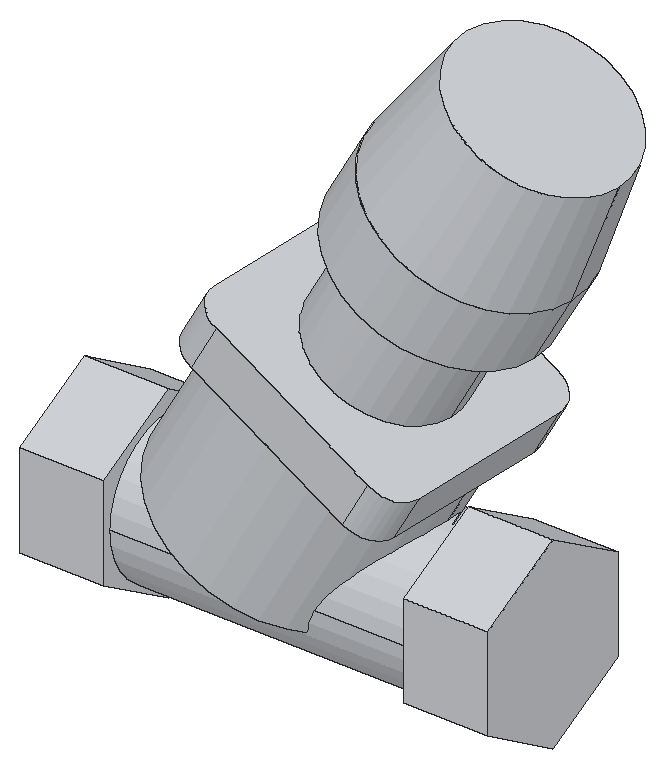
Revit family "OPTIMA_Compact_FF_DN15_5,0_RFA_2018", category Pipe Accessories, Revit 2018
Family settings
  Round Connector Dimension = Use Diameter
  Part Type = Valve - Breaks Into
  Work Plane-Based = No
  Always vertical = Yes
  Cut with Voids When Loaded = No
  Shared = No
Parameters (values of type "OPTIMA Compact DN15 F-F 5.0mm")
  magiProductId = "ed735bb751334d9b9367ccb2001bd8"
  magiProductFamilyId = "52eeb9fa0c9d42c987a78ea14b42d3"
  magiPartTypeId = 304
  isMeasuringValve [instance] = no
  ang2D [instance] = 0.00°
  Z = 0 mm
  X = 7 mm
  W2D = 32 mm
  VersionID = "2.0/2018.8.28.1/FRESE_OPTIMA-COMPACT-FF_001"
  Use Minimum Symbol Size [instance] = yes
  URL = "www.hydronic.cz"
  Type Comments = "vnitřní závit; PN25; 0~120°C, bez měřicích vsuvek"
  R9 = 8 mm
  R8 = 14 mm
  R7 = 17 mm
  R6 = 12 mm
  R5 = 5 mm
  R4 = 19 mm
  R3 = 19 mm
  R2 = 12 mm
  R1 = 15 mm
  QmdConnectorList = "301;D;302;D"
  Productdata [instance] = ""
  PLG0 = no
  Manufacturer = "Hydronic Systems Prague s.r.o."
  MC Product Code = "53-1345  (1/2\" F-F; 5.0mm; Qmin-dpmin 220l/h-16.0kPa; Qmax-dpmin 1330l/h-21.6Pa; dpmax 800kPa)"
  MC Piping Given Pressure Drop [instance] = 0.0 Pa
  LL = 37.5 mm
  L3 = 11 mm
  L2D_Min = 3048 mm
  L2D = 104 mm
  L2 = 48 mm
  L1__ve = -L1  # -13.5 mm
  L1 = 13.5 mm
  H6__ve = -H6  # -57 mm
  H6 = 57 mm
  H5 = 20 mm
  H4 = 12 mm
  H3 = 18 mm
  H2 = 8 mm
  H1 = 26 mm
  Description = "Tlakově nezávislý 2-cestný regulační vyvažovací ventil (PICV)"
  D = 15 mm
  CenSd_R1_6 = R1 * cos(30.00°)  # 12.99 mm
  A = 30.00°
Types (6, lengths in mm): name | magiProductId | Z | X | R4 | R3 | R2 | R1 | MC Product Code | LL | L3 | L2 | L1__ve | L1 | H6__ve | H6 | H3 | H2 | H1 | D | CenSd_R1_6
  OPTIMA Compact DN32 F-F 5.5mm | "b339906595e54d959f7e36e14a5078" | 1 | 13 | 29 | 31.5 | 22 | 26 | "53-1354  (5/4\" F-F; 5.5mm; Qmin-dpmin 550l/h-17.9kPa; Qmax-dpmin 4001l/h-28.0kPa; dpmax 800kPa)" | 52 | 12.5 | 66.56 | -18.72 | 18.72 | -68 | 68 | 16 | 10 | 46 | 32 | 22.517
  OPTIMA Compact DN15 F-F 2.5mm | "1f59e983221c4705b905dca277ac1b" | 0 | 7 | 19 | 19 | 12 | 15 | "53-1344  (1/2\" F-F; 2.5mm; Qmin-dpmin 100l/h-14.9kPa; Qmax-dpmin 575l/h-18.5kPa; dpmax 800kPa)" | 37.5 | 11 | 48 | -13.5 | 13.5 | -57 | 57 | 18 | 8 | 26 | 15 | 12.99
  OPTIMA Compact DN15 F-F 5.0mm | "ed735bb751334d9b9367ccb2001bd8" | 0 | 7 | 19 | 19 | 12 | 15 | "53-1345  (1/2\" F-F; 5.0mm; Qmin-dpmin 220l/h-16.0kPa; Qmax-dpmin 1330l/h-21.6Pa; dpmax 800kPa)" | 37.5 | 11 | 48 | -13.5 | 13.5 | -57 | 57 | 18 | 8 | 26 | 15 | 12.99
  OPTIMA Compact DN20 F-F 5.0mm | "3fe8f468b8a34e8b9375925b2f5228" | 0 | 10 | 19 | 19 | 13.5 | 17.5 | "53-1348  (3/4\" F-F; 5.0mm; Qmin-dpmin 220l/h-16.0kPa; Qmax-dpmin 1330l/h-21.6Pa; dpmax 800kPa)" | 39.5 | 11 | 50.56 | -14.22 | 14.22 | -59.5 | 59.5 | 18 | 8 | 26 | 20 | 15.155
  OPTIMA Compact DN20 F-F 5.5mm | "3f04956b0a9346f48e327241883a91" | 0 | 10 | 19 | 19 | 13.5 | 17.5 | "53-1318  (3/4\" F-F; 5.5mm; Qmin-dpmin 300l/h-17.8kPa; Qmax-dpmin 1800l/h-40.0Pa; dpmax 800kPa)" | 39.5 | 11 | 50.56 | -14.22 | 14.22 | -59.5 | 59.5 | 18 | 8 | 26 | 20 | 15.155
  OPTIMA Compact DN25 F-F 5.5mm | "a6a3417af38f4ebebee56b059e5e27" | 0 | 13 | 29 | 31.5 | 18.5 | 22 | "53-1353  (1\" F-F; 5.5mm; Qmin-dpmin 600l/h-17.3kPa; Qmax-dpmin 3609l/h-23.0Pa; dpmax 800kPa)" | 50 | 12.5 | 64 | -18 | 18 | -64 | 64 | 16 | 10 | 43 | 25 | 19.053
Reference planes
  plane 1 "Center (Front/Back)": y = 0
  plane 2 "XYPLANE": z = 0
  plane 3 "Center (Left/Right)": x = 0
  plane 4 "267": x = 11
  plane 5 "266": x = -11
  plane 6 "252": through (-607.519, 0, 447.746) normal (0.5, 0, 0.866)
  plane 7 "250": through (-617.519, 0, 430.426) normal (0.5, 0, 0.866)
  plane 8 "248": through (-623.519, 0, 420.033) normal (0.5, 0, 0.866)
  plane 9 "245": through (-632.519, 0, 404.445) normal (0.5, 0, 0.866)
  plane 10 "241": through (352.483, 0, 662.519) normal (0.866, 0, -0.5)
  plane 11 "240": through (385.392, 0, 643.519) normal (0.866, 0, -0.5)
  plane 12 "239": y = -19
  plane 13 "238": y = 19
  plane 14 "237": through (-636.519, 0, 397.517) normal (0.5, 0, 0.866)
  plane 15 "235": through (-649.519, 0, 375) normal (0.5, 0, 0.866)
  plane 16 "231": y = 0
  plane 17 "230": through (368.938, 0, 653.019) normal (0.866, 0, -0.5)
  plane 18 "211": x = -24
  plane 19 "204": x = 37.5
  plane 20 "203": x = -37.5
  plane 21 "202": x = 0
  plane 22 "201": z = 0
  plane 23 "200": y = 0
  plane 24 "227XY": through (-649.519, 0, 375) normal (0.5, 0, 0.866)
  plane 25 "227XZ": y = 0
  plane 26 "227YZ": through (375, 0, 649.519) normal (0.866, 0, -0.5)
Forms (mm)
  Extrusion 1, solid
    sketch origin (37.5, -750, 0) x (0, 1, 0) y (0, 0, 1)
      loop
        line (750, 15) -> (737.01, 7.5) -> (737.01, -7.5) -> (750, -15) -> (762.99, -7.5) -> (762.99, 7.5) -> (750, 15)
    from 0 to -13.5 <- "L1__ve"
  Extrusion 2, solid
    sketch origin (-37.5, -750, 0) x (0, 1, 0) y (0, 0, 1)
      loop
        line (750, 15) -> (737.01, 7.5) -> (737.01, -7.5) -> (750, -15) -> (762.99, -7.5) -> (762.99, 7.5) -> (750, 15)
    from 0 to 13.5 <- "L1"
  Extrusion 3, solid, visible <- "PLG0"
    sketch origin (-750, 0, 0) x (1, 0, 0) y (0, 1, 0)
      loop
        circle (761, 0) r 8
    from 0 to -57 <- "H6__ve"
  Extrusion 4, solid, visible <- "PLG0"
    sketch origin (-750, 0, 0) x (1, 0, 0) y (0, 1, 0)
      loop
        circle (739, 0) r 8
    from 0 to -57 <- "H6__ve"
  Blend 5, solid
    base sketch origin (-617.519, 0, 430.426) x (0.866025, 0, -0.5) y (0, 1, 0)
      loop
        circle (743, 0) r 17
    top sketch origin (-617.519, 0, 430.426) x (0.866025, 0, -0.5) y (0, 1, 0)
      loop
        circle (743, 0) r 14
    from 0 to 20
  Extrusion 6, solid
    sketch origin (-623.519, 0, 420.033) x (0.866025, 0, -0.5) y (0, 1, 0)
      loop
        circle (743, 0) r 17
    from 0 to 12 <- "H4"
  Extrusion 7, solid
    sketch origin (-632.519, 0, 404.445) x (0.866025, 0, -0.5) y (0, 1, 0)
      loop
        circle (743, 0) r 12
    from 0 to 18 <- "H3"
  Extrusion 8, solid
    sketch origin (-636.519, 0, 397.517) x (0.866025, 0, -0.5) y (0, 1, 0)
      loop
        arc (729, 19) -> (725.464, 17.536) -> (724, 14) r 5
        line (724, 14) -> (724, -14)
        arc (724, -14) -> (725.464, -17.536) -> (729, -19) r 5
        line (729, -19) -> (757, -19)
        arc (757, -19) -> (760.536, -17.536) -> (762, -14) r 5
        line (762, -14) -> (762, 14)
        arc (762, 14) -> (760.536, 17.536) -> (757, 19) r 5
        line (757, 19) -> (729, 19)
    from 0 to 8 <- "H2"
  Extrusion 9, solid
    sketch origin (-649.519, 0, 375) x (0.866025, 0, -0.5) y (0, 1, 0)
      loop
        circle (743, 0) r 19
    from 0 to 26 <- "H1"
  Extrusion 10, solid
    sketch origin (-24, -750, 0) x (0, 1, 0) y (0, 0, 1)
      loop
        circle (750, 0) r 12
    from 0 to 48 <- "L2"
  Extrusion 11, solid, not visible
    sketch origin (37.5, -750, 0) x (0, 1, 0) y (0, 0, 1)
      loop
        circle (750, 0) r 10
    from 0 to -10
  Extrusion 12, solid, not visible
    sketch origin (-37.5, -750, 0) x (0, 1, 0) y (0, 0, 1)
      loop
        circle (750, 0) r 10
    from 0 to 10
Lines and regions (mm)
  reference lines, not visible
    curve 1: circle (2, 2, 0) r 1 normal (0, 0, 1)
  reference lines
    curve 2: line (37.5, 0, 0) -> (37.5, -11.258, -6.5)
    curve 3: line (37.5, 0, 0) -> (37.5, 0, -13)
    curve 4: line (37.5, 0, 0) -> (37.5, 11.258, -6.5)
    curve 5: line (-37.5, 0, 0) -> (-37.5, 11.258, -6.5)
    curve 6: line (-37.5, 0, 0) -> (-37.5, 0, -13)
    curve 7: line (-37.5, 0, 0) -> (-37.5, -11.258, -6.5)
Dimensions and locks
  plane 1 "Center (Front/Back)" to curve 1 = 2 mm
  "L3": plane 3 "Center (Left/Right)" to plane 4 "267"
  "L3": plane 3 "Center (Left/Right)" to plane 5 "266"
  "H5": plane 7 "250" to plane 6 "252"
  "H4": plane 8 "248" to plane 7 "250"
  "H3": plane 9 "245" to plane 8 "248"
  "H2": plane 14 "237" to plane 9 "245"
  "R4": plane 17 "230" to plane 10 "241"
  "R4": plane 17 "230" to plane 11 "240"
  "R4": plane 23 "200" to plane 12 "239"
  "R4": plane 23 "200" to plane 13 "238"
  "H1": plane 15 "235" to plane 14 "237"
  "Z": plane 24 "227XY" to plane 15 "235"
  locked: plane 23 "200" to plane 16 "231"
  "X": plane 26 "227YZ" to plane 17 "230"
  "L1": plane 20 "203" to plane 18 "211"
  "LL": plane 3 "Center (Left/Right)" to plane 19 "204"
  "LL": plane 3 "Center (Left/Right)" to plane 20 "203"
  locked: plane 3 "Center (Left/Right)" to plane 21 "202"
  locked: plane 2 "XYPLANE" to plane 22 "201"
  locked: plane 1 "Center (Front/Back)" to plane 23 "200"
  "CenSd_R1_6": curve 2 to Extrusion 1 sketch curve  (x2)
  "CenSd_R1_6": curve 3 to Extrusion 1 sketch curve  (x2)
  "CenSd_R1_6": curve 4 to Extrusion 1 sketch curve  (x2)
  Extrusion 1 sketch curve to Extrusion 1 sketch curve = 0 mm  (x12)
  "CenSd_R1_6": curve 5 to Extrusion 2 sketch curve  (x2)
  "CenSd_R1_6": curve 6 to Extrusion 2 sketch curve  (x2)
  "CenSd_R1_6": curve 7 to Extrusion 2 sketch curve  (x2)
  Extrusion 2 sketch curve to Extrusion 2 sketch curve = 0 mm  (x12)
  Extrusion 8 sketch curve to Extrusion 8 sketch curve = 0 mm  (x16)
  "R9": radius of Extrusion 3 sketch curve
  "R9": radius of Extrusion 4 sketch curve
  "R8": radius of Blend 5 sketch curve
  "R7": radius of Blend 5 sketch curve
  "R7": radius of Extrusion 6 sketch curve
  "R6": radius of Extrusion 7 sketch curve
  "R5": radius of Extrusion 8 sketch curve  (x4)
  "R3": radius of Extrusion 9 sketch curve
  "R2": radius of Extrusion 10 sketch curve
  locked: curve 3 to curve 2 (angle 60.00°)
  locked: curve 4 to curve 3 (angle 60.00°)
  locked: curve 4 to curve 2 (angle 120.00°)
  locked: curve 6 to curve 5 (angle 60.00°)
  locked: curve 7 to curve 6 (angle 60.00°)
  locked: curve 7 to curve 5 (angle 120.00°)
  aligned and locked: level to plane 2 "XYPLANE"
  aligned and locked: plane 22 "201" to curve 4
  aligned and locked: curve 4 to plane 23 "200"
  aligned and locked: plane 22 "201" to curve 7
  aligned and locked: curve 7 to plane 23 "200"
  aligned and locked: plane 4 "267" to Extrusion 3 sketch curve
  aligned and locked: plane 23 "200" to Extrusion 3 sketch curve
  aligned and locked: plane 5 "266" to Extrusion 4 sketch curve
  aligned and locked: plane 23 "200" to Extrusion 4 sketch curve
  aligned and locked: plane 16 "231" to Blend 5 sketch curve  (x2)
  aligned and locked: Blend 5 sketch curve to plane 17 "230"  (x2)
  aligned and locked: plane 6 "252" to Blend 5
  aligned and locked: plane 16 "231" to Extrusion 6 sketch curve
  aligned and locked: Extrusion 6 sketch curve to plane 17 "230"
  aligned and locked: plane 16 "231" to Extrusion 7 sketch curve
  aligned and locked: Extrusion 7 sketch curve to plane 17 "230"
  aligned and locked: Extrusion 8 sketch curve to plane 10 "241"
  aligned and locked: Extrusion 8 sketch curve to plane 12 "239"
  aligned and locked: Extrusion 8 sketch curve to plane 11 "240"
  aligned and locked: plane 13 "238" to Extrusion 8 sketch curve
  aligned and locked: plane 16 "231" to Extrusion 9 sketch curve
  aligned and locked: Extrusion 9 sketch curve to plane 17 "230"
  aligned and locked: plane 22 "201" to Extrusion 10 sketch curve
  aligned and locked: Extrusion 10 sketch curve to plane 23 "200"
  aligned and locked: plane 22 "201" to Extrusion 11 sketch curve
  aligned and locked: Extrusion 11 sketch curve to plane 23 "200"
  aligned and locked: plane 22 "201" to Extrusion 12 sketch curve
  aligned and locked: Extrusion 12 sketch curve to plane 23 "200"
Automatic sketch dimensions
  plane 1 "Center (Front/Back)" to Extrusion 11 sketch curve = 10 mm
  plane 1 "Center (Front/Back)" to Extrusion 12 sketch curve = 10 mm
  plane 3 "Center (Left/Right)" to curve 1 = 2 mm
  radius of curve 1 = 1 mm
Connectors
  piping at (-37.5, 0, 0), diameter 15, driven by "D"
    settings: on Extrusion 12, index 1, connector inside diameter 609.6 mm, connector length 0 mm, flow factor 0, pipe flow 0.0 L/s, pressure drop 0.0 Pa, fitting loss kfactor 0, connector angle 0.00°, fixture units 0, engagement length 0 mm, angle of deflection 0.00°, flow configuration 0, flow direction 0, fitting loss method 0, system type 29, joint type 0, gender type 0, connector reference index 2, connector utility 0, adjustable connector no, is connector primary yes, connector description ""
  piping at (37.5, 0, 0), diameter 15, driven by "D"
    settings: on Extrusion 11, index 2, connector inside diameter 609.6 mm, connector length 0 mm, flow factor 0, pipe flow 0.0 L/s, pressure drop 0.0 Pa, fitting loss kfactor 0, connector angle 0.00°, fixture units 0, engagement length 0 mm, angle of deflection 0.00°, flow configuration 0, flow direction 0, fitting loss method 0, system type 29, joint type 0, gender type 0, connector reference index 1, connector utility 0, adjustable connector no, is connector primary no, connector description ""
